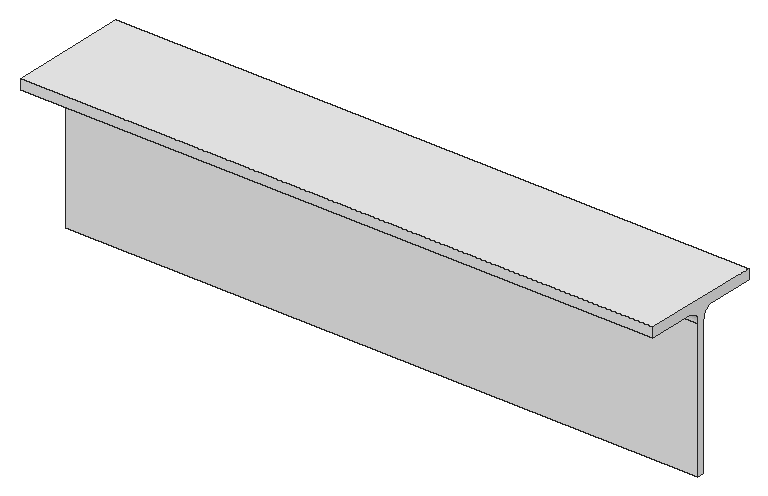
Revit family "M_WT-T estrutural", category Quadro estrutural, Revit 2019
Family settings
  Arredondamento do comprimento do framing estrutural = 0 mm
  Forma do corte = Não definido
  Material para o comportamento do modelo = Aço
  Exportar sempre como geometria = Não
  Número OmniClass = 23.25.30.11.14.14
  Título OmniClass = Beams
  ID de item do Seek = WT-Structural Tee-0000-CAN-ENU
  Sempre na vertical = Sim
  Corte com vazios quando carregada = Não
  Representação simbólica = Das configurações de projeto
  Compartilhado = Não
  Exibir o pré-corte da família na vista da planta = Sim
Parameters (values of type "WT305X62.5")
  W = 0.613
  Structural Material [instance] = Aço, 45-345
  Assembly Code = ""
  Length [instance] = 1524 mm
  bf = 229 mm
  d = 306 mm
  k = 42 mm
  kr = k - tf  # 22.4 mm
  tf = 19.6 mm
  tw = 11.9 mm
  A = 0.008 m²
Types (2, lengths in mm): name | W | bf | d | k | kr | tf | tw | A
  WT305X62.5 | 0.613 | 229 | 306 | 42 | 22.4 | 19.6 | 11.9 | 0.008 m²
  WT460X119 | 1.17 | 305 | 457 | 48 | 22.1 | 25.9 | 16.5 | 0.0152 m²
Reference planes
  plane 1 "Centro (Frente/Trás)": y = 0
  plane 2: z = 0
  plane 3 "Centro (Esquerda/Direita)": x = 4.61
  plane 4 "Membro esquerdo": x = -604.99
  plane 5 "Membro direito": x = 614.21
  plane 6: y = 114.5
  plane 7: y = -114.5
  plane 8 "Superior": z = 153
  plane 9: z = -153
  plane 10 "Esquerda": x = -757.39
  plane 11 "Direita": x = 766.61
Forms (mm)
  Sweep 1, solid, material "Aço, 45-345" <- "Structural Material", detail levels medium
    path origin (0, 0, 0) x (1, 0, 0) y (0, 1, 0)
      loop
        line (614.21, 0) -> (-604.99, 0)
    profile "M_T estrutural-Perfil-Médio : M_T estrutural-Perfil-Médio" origin (4.61, 0, 0) x (0, -1, 0) y (0, 0, 1)
      loop
        line (-114.5, 153) -> (-114.5, 133.4) -> (-5.95, 133.4) -> (-5.95, -153) -> (5.95, -153) -> (5.95, 133.4) -> (114.5, 133.4) -> (114.5, 153) -> (-114.5, 153)
  Sweep 2, solid, material "Aço, 45-345" <- "Structural Material", detail levels fine
    path origin (0, 0, 0) x (1, 0, 0) y (0, 1, 0)
      loop
        line (614.21, 0) -> (-604.99, 0)
    profile "M_T estrutural-Perfil-Alto : M_T estrutural-Perfil-Alto" origin (4.61, 0, 0) x (0, -1, 0) y (0, 0, 1)
      loop
        line (-114.5, 153) -> (-114.5, 133.4) -> (-28.35, 133.4)
        arc (-28.35, 133.4) -> (-12.511, 126.839) -> (-5.95, 111) r 22.4
        line (-5.95, 111) -> (-5.95, -153) -> (5.95, -153) -> (5.95, 111)
        arc (5.95, 111) -> (12.511, 126.839) -> (28.35, 133.4) r 22.4
        line (28.35, 133.4) -> (114.5, 133.4) -> (114.5, 153) -> (-114.5, 153)
Lines and regions (mm)
  symbolic lines, style "Faces ocultas", detail levels medium+fine
    curve 1: line (614.21, -6.5, 0) -> (-604.99, -6.5, 0)
    curve 2: line (614.21, 6.5, 0) -> (-604.99, 6.5, 0)
  symbolic lines, style "Símbolos de vara", detail levels coarse
    curve 3: line (4.61, 114.5, 153) -> (4.61, -114.5, 153)
    curve 4: line (4.61, 0, 153) -> (4.61, 0, -153)
Dimensions and locks
  "bf": plane 6 to plane 7
  "d": plane 9 to plane 8 "Superior"
  equal spacing: plane 9, plane 2, plane 8 "Superior"
  equal spacing: plane 6, plane 1 "Centro (Frente/Trás)", plane 7
  "Length": plane 10 "Esquerda" to plane 11 "Direita"
  aligned and locked: Sweep 1 sketch curve to plane 1 "Centro (Frente/Trás)"
  aligned and locked: Sweep 2 sketch curve to plane 1 "Centro (Frente/Trás)"
  aligned and locked: Sweep 2 to curve 3  (x2)
  aligned and locked: curve 4 to Sweep 1
  aligned and locked: curve 3 to Sweep 2
  aligned and locked: plane 4 "Membro esquerdo" to Sweep 2 sketch curve
  aligned and locked: plane 5 "Membro direito" to Sweep 2 sketch curve
  aligned and locked: plane 4 "Membro esquerdo" to Sweep 1 sketch curve
  aligned and locked: plane 5 "Membro direito" to Sweep 1 sketch curve
  aligned and locked: plane 4 "Membro esquerdo" to curve 2
  aligned and locked: plane 4 "Membro esquerdo" to curve 1
  aligned and locked: plane 5 "Membro direito" to curve 2
  aligned and locked: plane 5 "Membro direito" to curve 1
Automatic sketch dimensions
  plane 1 "Centro (Frente/Trás)" to curve 1 = 6.5 mm
  curve 2 to plane 1 "Centro (Frente/Trás)" = 6.5 mm
  curve 4 to plane 1 "Centro (Frente/Trás)" = 0 mm
Types in the file's own list only (265): name | W | bf | d | k | kr | tf | tw | A
  WT550X249.5 | 2.44 | 405 mm | 559 mm | 67 mm | 22 mm | 45 mm | 26 mm | 0.03 m²
  WT550X216.5 | 2.12 | 402 mm | 554 mm | 61 mm | 21 mm | 40 mm | 22 mm | 0.03 m²
  WT550X195 | 1.91 | 400 mm | 550 mm | 58 mm | 22 mm | 36 mm | 20 mm | 0.02 m²
  WT550X171.5 | 1.68 | 400 mm | 545 mm | 52 mm | 21 mm | 31 mm | 18 mm | 0.02 m²
  WT500X441.5 | 4.33 | 424 mm | 546 mm | 113 mm | 31 mm | 82 mm | 46 mm | 0.06 m²
  WT500X374 | 3.67 | 417 mm | 534 mm | 102 mm | 32 mm | 70 mm | 39 mm | 0.05 m²
  WT500X321 | 3.14 | 412 mm | 524 mm | 92 mm | 32 mm | 60 mm | 34 mm | 0.04 m²
  WT500X295.5 | 2.9 | 409 mm | 520 mm | 88 mm | 32 mm | 56 mm | 31 mm | 0.04 m²
  WT500X277 | 2.71 | 408 mm | 516 mm | 84 mm | 32 mm | 52 mm | 30 mm | 0.04 m²
  WT500X269.5 | 2.64 | 407 mm | 515 mm | 82 mm | 31 mm | 51 mm | 28 mm | 0.03 m²
  WT500X241.5 | 2.36 | 404 mm | 510 mm | 78 mm | 32 mm | 46 mm | 25 mm | 0.03 m²
  WT500X221.5 | 2.17 | 402 mm | 506 mm | 73 mm | 31 mm | 42 mm | 24 mm | 0.03 m²
  WT500X206 | 2.02 | 402 mm | 504 mm | 72 mm | 32 mm | 40 mm | 21 mm | 0.03 m²
  WT500X185.5 | 1.82 | 400 mm | 500 mm | 68 mm | 32 mm | 36 mm | 19 mm | 0.02 m²
  WT500X160.5 | 1.57 | 400 mm | 495 mm | 63 mm | 32 mm | 31 mm | 17 mm | 0.02 m²
  WT500X148 | 1.45 | 400 mm | 491 mm | 59 mm | 32 mm | 27 mm | 17 mm | 0.02 m²
  WT500X292 | 2.86 | 314 mm | 528 mm | 95 mm | 31 mm | 64 mm | 36 mm | 0.04 m²
  WT500X247 | 2.42 | 309 mm | 518 mm | 86 mm | 32 mm | 54 mm | 31 mm | 0.03 m²
  WT500X243 | 2.39 | 308 mm | 518 mm | 86 mm | 32 mm | 54 mm | 30 mm | 0.03 m²
  WT500X207.5 | 2.03 | 304 mm | 510 mm | 78 mm | 32 mm | 46 mm | 26 mm | 0.03 m²
  WT500X196.5 | 1.93 | 303 mm | 508 mm | 76 mm | 32 mm | 44 mm | 24 mm | 0.03 m²
  WT500X175 | 1.71 | 302 mm | 504 mm | 72 mm | 32 mm | 40 mm | 21 mm | 0.02 m²
  WT500X157 | 1.54 | 300 mm | 500 mm | 67 mm | 31 mm | 36 mm | 19 mm | 0.02 m²
  WT500X136 | 1.34 | 300 mm | 495 mm | 63 mm | 32 mm | 31 mm | 17 mm | 0.02 m²
  WT500X124.5 | 1.22 | 300 mm | 490 mm | 58 mm | 32 mm | 26 mm | 17 mm | 0.02 m²
  WT500X111 | 1.09 | 300 mm | 485 mm | 53 mm | 32 mm | 21 mm | 16 mm | 0.01 m²
  WT460X594 | 5.82 | 457 mm | 533 mm | 141 mm | 32 mm | 109 mm | 61 mm | 0.08 m²
  WT460X483.5 | 4.74 | 446 mm | 514 mm | 121 mm | 31 mm | 90 mm | 50 mm | 0.06 m²
  WT460X392 | 3.85 | 437 mm | 498 mm | 105 mm | 31 mm | 74 mm | 41 mm | 0.05 m²
  WT460X326.5 | 3.2 | 431 mm | 486 mm | 93 mm | 31 mm | 62 mm | 35 mm | 0.04 m²
  WT460X292.5 | 2.87 | 427 mm | 480 mm | 88 mm | 32 mm | 56 mm | 31 mm | 0.04 m²
  WT460X267 | 2.62 | 425 mm | 475 mm | 82 mm | 31 mm | 51 mm | 28 mm | 0.03 m²
  WT460X244 | 2.39 | 422 mm | 471 mm | 79 mm | 32 mm | 47 mm | 26 mm | 0.03 m²
  WT460X223 | 2.19 | 423 mm | 467 mm | 74 mm | 31 mm | 43 mm | 24 mm | 0.03 m²
  WT460X208.5 | 2.04 | 422 mm | 464 mm | 71 mm | 31 mm | 40 mm | 23 mm | 0.03 m²
  WT460X193.5 | 1.9 | 420 mm | 461 mm | 68 mm | 31 mm | 37 mm | 21 mm | 0.02 m²
  WT460X182.5 | 1.79 | 419 mm | 458 mm | 66 mm | 32 mm | 34 mm | 20 mm | 0.02 m²
  WT460X171 | 1.68 | 418 mm | 456 mm | 63 mm | 31 mm | 32 mm | 19 mm | 0.02 m²
  WT460X190.5 | 1.87 | 310 mm | 475 mm | 66 mm | 22 mm | 44 mm | 24 mm | 0.02 m²
  WT460X172.5 | 1.69 | 308 mm | 471 mm | 62 mm | 22 mm | 40 mm | 22 mm | 0.02 m²
  WT460X156.5 | 1.53 | 309 mm | 466 mm | 56 mm | 22 mm | 35 mm | 21 mm | 0.02 m²
  WT460X144.5 | 1.42 | 308 mm | 463 mm | 54 mm | 22 mm | 32 mm | 19 mm | 0.02 m²
  WT460X135.5 | 1.33 | 307 mm | 461 mm | 52 mm | 22 mm | 30 mm | 18 mm | 0.02 m²
  WT460X126.5 | 1.24 | 306 mm | 459 mm | 50 mm | 22 mm | 28 mm | 17 mm | 0.02 m²
  WT460X111.5 | 1.09 | 304 mm | 455 mm | 46 mm | 22 mm | 24 mm | 16 mm | 0.01 m²
  WT460X100.5 | 0.985 | 304 mm | 451 mm | 42 mm | 22 mm | 20 mm | 15 mm | 0.01 m²
  WT420X288 | 2.82 | 411 mm | 457 mm | 80 mm | 22 mm | 58 mm | 32 mm | 0.04 m²
  WT420X249 | 2.58 | 409 mm | 451 mm | 74 mm | 21 mm | 53 mm | 30 mm | 0.03 m²
  WT420X236.5 | 2.32 | 406 mm | 447 mm | 70 mm | 22 mm | 48 mm | 26 mm | 0.03 m²
  WT420X216.5 | 2.12 | 404 mm | 442 mm | 65 mm | 21 mm | 44 mm | 24 mm | 0.03 m²
  WT420X196 | 1.92 | 401 mm | 439 mm | 62 mm | 22 mm | 40 mm | 22 mm | 0.03 m²
  WT420X179.5 | 1.76 | 403 mm | 434 mm | 57 mm | 21 mm | 36 mm | 21 mm | 0.02 m²
  WT420X164.5 | 1.61 | 401 mm | 431 mm | 54 mm | 22 mm | 32 mm | 20 mm | 0.02 m²
  WT420X149.5 | 1.47 | 400 mm | 428 mm | 51 mm | 22 mm | 29 mm | 18 mm | 0.02 m²
  WT420X125.5 | 1.23 | 292 mm | 430 mm | 53 mm | 22 mm | 31 mm | 17 mm | 0.02 m²
  WT420X113 | 1.11 | 294 mm | 425 mm | 49 mm | 22 mm | 27 mm | 16 mm | 0.01 m²
  WT420X105 | 1.03 | 293 mm | 423 mm | 46 mm | 22 mm | 24 mm | 15 mm | 0.01 m²
  WT420X96.5 | 0.949 | 292 mm | 420 mm | 44 mm | 22 mm | 22 mm | 15 mm | 0.01 m²
  WT420X88 | 0.861 | 292 mm | 417 mm | 41 mm | 22 mm | 19 mm | 14 mm | 0.01 m²
  WT380X291 | 2.85 | 396 mm | 422 mm | 84 mm | 22 mm | 62 mm | 35 mm | 0.04 m²
  WT380X265.5 | 2.6 | 393 mm | 417 mm | 79 mm | 22 mm | 57 mm | 32 mm | 0.03 m²
  WT380X242 | 2.38 | 390 mm | 411 mm | 73 mm | 21 mm | 52 mm | 29 mm | 0.03 m²
  WT380X217 | 2.13 | 387 mm | 407 mm | 69 mm | 22 mm | 47 mm | 26 mm | 0.03 m²
  WT380X194.5 | 1.9 | 385 mm | 401 mm | 63 mm | 21 mm | 42 mm | 24 mm | 0.02 m²
  WT380X175 | 1.71 | 382 mm | 398 mm | 60 mm | 22 mm | 38 mm | 21 mm | 0.02 m²
  WT380X157 | 1.54 | 384 mm | 393 mm | 55 mm | 22 mm | 33 mm | 20 mm | 0.02 m²
  WT380X142 | 1.39 | 382 mm | 390 mm | 52 mm | 22 mm | 30 mm | 18 mm | 0.02 m²
  WT380X128.5 | 1.26 | 381 mm | 387 mm | 49 mm | 22 mm | 27 mm | 17 mm | 0.02 m²
  WT380X110 | 1.08 | 266 mm | 390 mm | 52 mm | 22 mm | 30 mm | 17 mm | 0.01 m²
  WT380X98 | 0.963 | 268 mm | 385 mm | 47 mm | 22 mm | 25 mm | 16 mm | 0.01 m²
  WT380X92.5 | 0.905 | 267 mm | 383 mm | 46 mm | 22 mm | 24 mm | 15 mm | 0.01 m²
  WT380X86.5 | 0.846 | 267 mm | 381 mm | 44 mm | 22 mm | 22 mm | 14 mm | 0.01 m²
  WT380X80.5 | 0.788 | 266 mm | 379 mm | 41 mm | 22 mm | 19 mm | 14 mm | 0.01 m²
  WT380X73.5 | 0.722 | 265 mm | 377 mm | 39 mm | 22 mm | 17 mm | 13 mm | 0.01 m²
  WT380X67 | 0.657 | 264 mm | 375 mm | 38 mm | 23 mm | 16 mm | 12 mm | 0.01 m²
  WT345X401 | 3.93 | 387 mm | 413 mm | 112 mm | 22 mm | 90 mm | 50 mm | 0.05 m²
  WT345X274 | 2.69 | 372 mm | 386 mm | 85 mm | 22 mm | 63 mm | 35 mm | 0.04 m²
  WT345X250 | 2.45 | 370 mm | 381 mm | 80 mm | 22 mm | 58 mm | 32 mm | 0.03 m²
  WT345X228.5 | 2.24 | 367 mm | 376 mm | 75 mm | 22 mm | 53 mm | 30 mm | 0.03 m²
  WT345X209.5 | 2.05 | 364 mm | 372 mm | 71 mm | 22 mm | 49 mm | 27 mm | 0.03 m²
  WT345X192 | 1.88 | 362 mm | 368 mm | 67 mm | 22 mm | 45 mm | 25 mm | 0.02 m²
  WT345X175 | 1.71 | 360 mm | 364 mm | 63 mm | 22 mm | 41 mm | 23 mm | 0.02 m²
  WT345X161.5 | 1.58 | 359 mm | 361 mm | 60 mm | 22 mm | 38 mm | 21 mm | 0.02 m²
  WT345X144.5 | 1.42 | 356 mm | 357 mm | 56 mm | 22 mm | 34 mm | 19 mm | 0.02 m²
  WT345X132.5 | 1.3 | 358 mm | 353 mm | 52 mm | 22 mm | 30 mm | 18 mm | 0.02 m²
  WT345X120 | 1.17 | 356 mm | 350 mm | 49 mm | 22 mm | 27 mm | 17 mm | 0.02 m²
  WT345X108.5 | 1.07 | 355 mm | 348 mm | 47 mm | 22 mm | 25 mm | 15 mm | 0.01 m²
  WT345X96 | 0.941 | 254 mm | 351 mm | 50 mm | 22 mm | 28 mm | 16 mm | 0.01 m²
  WT345X85 | 0.832 | 256 mm | 347 mm | 46 mm | 22 mm | 24 mm | 15 mm | 0.01 m²
  WT345X76 | 0.744 | 254 mm | 344 mm | 43 mm | 22 mm | 21 mm | 13 mm | 0.01 m²
  WT345X70 | 0.686 | 254 mm | 342 mm | 41 mm | 22 mm | 19 mm | 12 mm | 0.01 m²
  WT345X62.5 | 0.613 | 253 mm | 339 mm | 38 mm | 22 mm | 16 mm | 12 mm | 0.01 m²
  WT305X275.5 | 2.7 | 347 mm | 355 mm | 91 mm | 22 mm | 69 mm | 39 mm | 0.04 m²
  WT305X249 | 2.44 | 343 mm | 350 mm | 85 mm | 22 mm | 63 mm | 35 mm | 0.03 m²
  WT305X227.5 | 2.23 | 340 mm | 345 mm | 80 mm | 22 mm | 58 mm | 32 mm | 0.03 m²
  WT305X207.5 | 2.04 | 338 mm | 339 mm | 75 mm | 22 mm | 53 mm | 30 mm | 0.03 m²
  WT305X186 | 1.82 | 335 mm | 335 mm | 70 mm | 22 mm | 48 mm | 26 mm | 0.02 m²
  WT305X170.5 | 1.67 | 333 mm | 330 mm | 66 mm | 22 mm | 44 mm | 24 mm | 0.02 m²
  WT305X153.5 | 1.51 | 330 mm | 327 mm | 62 mm | 22 mm | 40 mm | 22 mm | 0.02 m²
  WT305X142.5 | 1.4 | 329 mm | 323 mm | 59 mm | 22 mm | 37 mm | 21 mm | 0.02 m²
  WT305X131 | 1.28 | 327 mm | 321 mm | 56 mm | 22 mm | 34 mm | 19 mm | 0.02 m²
  WT305X120.5 | 1.18 | 329 mm | 318 mm | 53 mm | 22 mm | 31 mm | 18 mm | 0.02 m²
  WT305X108.5 | 1.07 | 328 mm | 314 mm | 50 mm | 22 mm | 28 mm | 17 mm | 0.01 m²
  WT305X97.5 | 0.956 | 327 mm | 311 mm | 46 mm | 22 mm | 24 mm | 15 mm | 0.01 m²
  WT305X87 | 0.854 | 325 mm | 308 mm | 44 mm | 22 mm | 22 mm | 14 mm | 0.01 m²
  WT305X77.5 | 0.759 | 324 mm | 306 mm | 41 mm | 22 mm | 19 mm | 13 mm | 0.01 m²
  WT305X76.5 | 0.752 | 229 mm | 312 mm | 47 mm | 22 mm | 25 mm | 14 mm | 0.01 m²
  WT305X70 | 0.686 | 230 mm | 309 mm | 44 mm | 22 mm | 22 mm | 13 mm | 0.01 m²
  WT305X56.5 | 0.555 | 228 mm | 304 mm | 39 mm | 22 mm | 17 mm | 11 mm | 0.01 m²
  WT305X50.5 | 0.496 | 228 mm | 301 mm | 37 mm | 22 mm | 15 mm | 11 mm | 0.01 m²
  WT305X46 | 0.452 | 179 mm | 301 mm | 36 mm | 21 mm | 15 mm | 11 mm | 0.01 m²
  WT305X41 | 0.401 | 178 mm | 299 mm | 34 mm | 21 mm | 13 mm | 10 mm | 0.01 m²
  WT265X150 | 1.47 | 319 mm | 292 mm | 63 mm | 22 mm | 41 mm | 23 mm | 0.02 m²
  WT265X136 | 1.33 | 318 mm | 289 mm | 60 mm | 22 mm | 38 mm | 21 mm | 0.02 m²
  WT265X124 | 1.21 | 315 mm | 285 mm | 56 mm | 22 mm | 35 mm | 19 mm | 0.02 m²
  WT265X109.5 | 1.07 | 318 mm | 280 mm | 51 mm | 22 mm | 29 mm | 18 mm | 0.01 m²
  WT265X98 | 0.963 | 316 mm | 277 mm | 48 mm | 22 mm | 26 mm | 17 mm | 0.01 m²
  WT265X91 | 0.89 | 315 mm | 275 mm | 46 mm | 22 mm | 24 mm | 15 mm | 0.01 m²
  WT265X82.5 | 0.81 | 313 mm | 273 mm | 44 mm | 22 mm | 22 mm | 14 mm | 0.01 m²
  WT265X75 | 0.737 | 312 mm | 271 mm | 42 mm | 22 mm | 20 mm | 13 mm | 0.01 m²
  WT265X69 | 0.679 | 214 mm | 275 mm | 41 mm | 17 mm | 24 mm | 15 mm | 0.01 m²
  WT265X61.5 | 0.606 | 212 mm | 272 mm | 38 mm | 17 mm | 21 mm | 13 mm | 0.01 m²
  WT265X54.5 | 0.533 | 211 mm | 270 mm | 36 mm | 17 mm | 19 mm | 12 mm | 0.01 m²
  WT265X50.5 | 0.496 | 210 mm | 268 mm | 34 mm | 17 mm | 17 mm | 11 mm | 0.01 m²
  WT265X46 | 0.452 | 209 mm | 267 mm | 33 mm | 17 mm | 16 mm | 10 mm | 0.01 m²
  WT265X41 | 0.401 | 209 mm | 264 mm | 30 mm | 17 mm | 13 mm | 10 mm | 0.01 m²
  WT265X36 | 0.35 | 207 mm | 262 mm | 28 mm | 17 mm | 11 mm | 9 mm | 0.00 m²
  WT265X42.5 | 0.416 | 166 mm | 267 mm | 33 mm | 17 mm | 17 mm | 10 mm | 0.01 m²
  WT265X37 | 0.365 | 166 mm | 265 mm | 31 mm | 17 mm | 14 mm | 10 mm | 0.00 m²
  WT265X33 | 0.321 | 165 mm | 262 mm | 28 mm | 17 mm | 11 mm | 9 mm | 0.00 m²
  WT230X130 | 1.28 | 289 mm | 255 mm | 63 mm | 23 mm | 40 mm | 23 mm | 0.02 m²
  WT230X117.5 | 1.15 | 287 mm | 250 mm | 58 mm | 21 mm | 37 mm | 21 mm | 0.01 m²
  WT230X106.5 | 1.04 | 285 mm | 248 mm | 56 mm | 23 mm | 34 mm | 19 mm | 0.01 m²
  WT230X96.5 | 0.949 | 283 mm | 244 mm | 52 mm | 22 mm | 31 mm | 17 mm | 0.01 m²
  WT230X88.5 | 0.868 | 286 mm | 241 mm | 49 mm | 22 mm | 27 mm | 17 mm | 0.01 m²
  WT230X79 | 0.773 | 284 mm | 238 mm | 46 mm | 22 mm | 24 mm | 15 mm | 0.01 m²
  WT230X72 | 0.708 | 283 mm | 236 mm | 44 mm | 22 mm | 22 mm | 14 mm | 0.01 m²
  WT230X64 | 0.628 | 282 mm | 234 mm | 42 mm | 22 mm | 20 mm | 12 mm | 0.01 m²
  WT230X56.5 | 0.555 | 280 mm | 231 mm | 39 mm | 22 mm | 17 mm | 11 mm | 0.01 m²
  WT230X53 | 0.518 | 194 mm | 235 mm | 38 mm | 17 mm | 21 mm | 13 mm | 0.01 m²
  WT230X48.5 | 0.474 | 193 mm | 233 mm | 36 mm | 17 mm | 19 mm | 11 mm | 0.01 m²
  WT230X44.5 | 0.438 | 192 mm | 232 mm | 35 mm | 17 mm | 18 mm | 11 mm | 0.01 m²
  WT230X41 | 0.401 | 191 mm | 230 mm | 33 mm | 17 mm | 16 mm | 10 mm | 0.01 m²
  WT230X37 | 0.365 | 190 mm | 228 mm | 31 mm | 17 mm | 15 mm | 9 mm | 0.00 m²
  WT230X34 | 0.336 | 154 mm | 229 mm | 32 mm | 17 mm | 15 mm | 9 mm | 0.00 m²
  WT230X30 | 0.292 | 153 mm | 227 mm | 30 mm | 17 mm | 13 mm | 8 mm | 0.00 m²
  WT230X26 | 0.255 | 152 mm | 225 mm | 28 mm | 17 mm | 11 mm | 8 mm | 0.00 m²
  WT205X74.5 | 0.73 | 265 mm | 216 mm | 47 mm | 22 mm | 25 mm | 15 mm | 0.01 m²
  WT205X66 | 0.649 | 263 mm | 213 mm | 44 mm | 22 mm | 22 mm | 13 mm | 0.01 m²
  WT205X57 | 0.562 | 261 mm | 210 mm | 41 mm | 22 mm | 19 mm | 12 mm | 0.01 m²
  WT205X50 | 0.489 | 260 mm | 207 mm | 39 mm | 22 mm | 17 mm | 10 mm | 0.01 m²
  WT205X42.5 | 0.416 | 181 mm | 209 mm | 35 mm | 17 mm | 18 mm | 11 mm | 0.01 m²
  WT205X37.5 | 0.365 | 180 mm | 207 mm | 33 mm | 17 mm | 16 mm | 10 mm | 0.00 m²
  WT205X33.5 | 0.328 | 179 mm | 205 mm | 31 mm | 17 mm | 14 mm | 9 mm | 0.00 m²
  WT205X30 | 0.292 | 178 mm | 203 mm | 30 mm | 17 mm | 13 mm | 8 mm | 0.00 m²
  WT205X26.5 | 0.263 | 177 mm | 201 mm | 28 mm | 17 mm | 11 mm | 8 mm | 0.00 m²
  WT205X23.05 | 0.226 | 140 mm | 202 mm | 28 mm | 17 mm | 11 mm | 7 mm | 0.00 m²
  WT205X19.4 | 0.19 | 140 mm | 199 mm | 26 mm | 17 mm | 9 mm | 6 mm | 0.00 m²
  WT180X601 | 5.9 | 471 mm | 290 mm | 162 mm | 32 mm | 130 mm | 95 mm | 0.08 m²
  WT180X543 | 5.33 | 454 mm | 285 mm | 156 mm | 31 mm | 125 mm | 78 mm | 0.07 m²
  WT180X495 | 4.85 | 448 mm | 275 mm | 146 mm | 31 mm | 115 mm | 72 mm | 0.06 m²
  WT180X450 | 4.41 | 442 mm | 266 mm | 137 mm | 31 mm | 106 mm | 66 mm | 0.06 m²
  WT180X409 | 4.01 | 437 mm | 257 mm | 129 mm | 32 mm | 97 mm | 61 mm | 0.05 m²
  WT180X372 | 3.65 | 432 mm | 249 mm | 120 mm | 31 mm | 89 mm | 56 mm | 0.05 m²
  WT180X338.5 | 3.32 | 428 mm | 242 mm | 113 mm | 32 mm | 82 mm | 51 mm | 0.04 m²
  WT180X317 | 3.11 | 424 mm | 237 mm | 109 mm | 32 mm | 77 mm | 48 mm | 0.04 m²
  WT180X296 | 2.9 | 421 mm | 232 mm | 104 mm | 32 mm | 72 mm | 45 mm | 0.04 m²
  WT180X275.5 | 2.7 | 418 mm | 228 mm | 99 mm | 31 mm | 68 mm | 42 mm | 0.04 m²
  WT180X254.5 | 2.5 | 416 mm | 223 mm | 94 mm | 31 mm | 63 mm | 39 mm | 0.03 m²
  WT180X231.5 | 2.27 | 412 mm | 217 mm | 89 mm | 32 mm | 57 mm | 36 mm | 0.03 m²
  WT180X210.5 | 2.06 | 409 mm | 213 mm | 84 mm | 31 mm | 53 mm | 33 mm | 0.03 m²
  WT180X191 | 1.88 | 406 mm | 208 mm | 80 mm | 32 mm | 48 mm | 30 mm | 0.02 m²
  WT180X173.5 | 1.7 | 404 mm | 204 mm | 75 mm | 31 mm | 44 mm | 27 mm | 0.02 m²
  WT180X157 | 1.54 | 401 mm | 200 mm | 71 mm | 31 mm | 40 mm | 25 mm | 0.02 m²
  WT180X143.5 | 1.41 | 399 mm | 197 mm | 68 mm | 31 mm | 37 mm | 23 mm | 0.02 m²
  WT180X131 | 1.28 | 398 mm | 193 mm | 65 mm | 32 mm | 33 mm | 21 mm | 0.02 m²
  WT180X118.5 | 1.16 | 395 mm | 190 mm | 62 mm | 32 mm | 30 mm | 19 mm | 0.02 m²
  WT180X108 | 1.06 | 394 mm | 188 mm | 59 mm | 31 mm | 28 mm | 17 mm | 0.01 m²
  WT180X98 | 0.963 | 374 mm | 186 mm | 58 mm | 32 mm | 26 mm | 16 mm | 0.01 m²
  WT180X89.5 | 0.876 | 373 mm | 184 mm | 55 mm | 31 mm | 24 mm | 15 mm | 0.01 m²
  WT180X81 | 0.795 | 371 mm | 182 mm | 53 mm | 31 mm | 22 mm | 13 mm | 0.01 m²
  WT180X73.5 | 0.722 | 370 mm | 180 mm | 51 mm | 31 mm | 20 mm | 12 mm | 0.01 m²
  WT180X67 | 0.657 | 369 mm | 178 mm | 50 mm | 32 mm | 18 mm | 11 mm | 0.01 m²
  WT180X61 | 0.598 | 257 mm | 182 mm | 44 mm | 22 mm | 22 mm | 13 mm | 0.01 m²
  WT180X55 | 0.54 | 256 mm | 180 mm | 42 mm | 22 mm | 20 mm | 11 mm | 0.01 m²
  WT180X50.5 | 0.496 | 255 mm | 178 mm | 40 mm | 22 mm | 18 mm | 11 mm | 0.01 m²
  WT180X45.5 | 0.445 | 254 mm | 176 mm | 38 mm | 22 mm | 16 mm | 10 mm | 0.01 m²
  WT180X39.5 | 0.387 | 205 mm | 177 mm | 39 mm | 22 mm | 17 mm | 9 mm | 0.01 m²
  WT180X36 | 0.35 | 204 mm | 175 mm | 37 mm | 22 mm | 15 mm | 9 mm | 0.00 m²
  WT180X32 | 0.314 | 203 mm | 173 mm | 35 mm | 22 mm | 14 mm | 8 mm | 0.00 m²
  WT180X28.9 | 0.277 | 172 mm | 179 mm | 30 mm | 17 mm | 13 mm | 8 mm | 0.00 m²
  WT180X25.5 | 0.248 | 171 mm | 178 mm | 29 mm | 17 mm | 12 mm | 7 mm | 0.00 m²
  WT180X22 | 0.219 | 171 mm | 176 mm | 27 mm | 17 mm | 10 mm | 7 mm | 0.00 m²
  WT180X19.5 | 0.19 | 128 mm | 177 mm | 28 mm | 17 mm | 11 mm | 7 mm | 0.00 m²
  WT180X16.45 | 0.161 | 127 mm | 174 mm | 25 mm | 17 mm | 9 mm | 6 mm | 0.00 m²
  WT155X250 | 2.45 | 340 mm | 214 mm | 97 mm | 22 mm | 75 mm | 45 mm | 0.03 m²
  WT155X227 | 2.23 | 336 mm | 207 mm | 91 mm | 22 mm | 69 mm | 41 mm | 0.03 m²
  WT155X207.5 | 2.04 | 334 mm | 201 mm | 85 mm | 22 mm | 63 mm | 39 mm | 0.03 m²
  WT155X187.5 | 1.84 | 330 mm | 196 mm | 79 mm | 22 mm | 57 mm | 35 mm | 0.02 m²
  WT155X171 | 1.68 | 328 mm | 191 mm | 75 mm | 22 mm | 53 mm | 33 mm | 0.02 m²
  WT155X156.5 | 1.53 | 325 mm | 187 mm | 70 mm | 22 mm | 48 mm | 30 mm | 0.02 m²
  WT155X141.5 | 1.39 | 322 mm | 183 mm | 66 mm | 22 mm | 44 mm | 27 mm | 0.02 m²
  WT155X126.5 | 1.24 | 319 mm | 178 mm | 62 mm | 22 mm | 40 mm | 24 mm | 0.02 m²
  WT155X113 | 1.11 | 317 mm | 174 mm | 58 mm | 22 mm | 36 mm | 22 mm | 0.01 m²
  WT155X101 | 0.992 | 315 mm | 170 mm | 54 mm | 22 mm | 32 mm | 20 mm | 0.01 m²
  WT155X89.5 | 0.876 | 313 mm | 167 mm | 50 mm | 22 mm | 28 mm | 18 mm | 0.01 m²
  WT155X79 | 0.773 | 310 mm | 164 mm | 47 mm | 22 mm | 25 mm | 16 mm | 0.01 m²
  WT155X71.5 | 0.7 | 309 mm | 161 mm | 45 mm | 22 mm | 23 mm | 14 mm | 0.01 m²
  WT155X64.5 | 0.635 | 308 mm | 159 mm | 43 mm | 22 mm | 21 mm | 13 mm | 0.01 m²
  WT155X58.5 | 0.576 | 307 mm | 157 mm | 41 mm | 22 mm | 19 mm | 12 mm | 0.01 m²
  WT155X53.5 | 0.525 | 306 mm | 156 mm | 39 mm | 22 mm | 17 mm | 11 mm | 0.01 m²
  WT155X48.5 | 0.474 | 305 mm | 154 mm | 37 mm | 22 mm | 15 mm | 10 mm | 0.01 m²
  WT155X43 | 0.423 | 254 mm | 155 mm | 36 mm | 20 mm | 16 mm | 9 mm | 0.01 m²
  WT155X39.5 | 0.387 | 254 mm | 153 mm | 34 mm | 19 mm | 15 mm | 9 mm | 0.01 m²
  WT155X37 | 0.365 | 205 mm | 155 mm | 36 mm | 20 mm | 16 mm | 9 mm | 0.00 m²
  WT155X33.5 | 0.328 | 204 mm | 153 mm | 34 mm | 19 mm | 15 mm | 9 mm | 0.00 m²
  WT155X30 | 0.292 | 203 mm | 152 mm | 33 mm | 20 mm | 13 mm | 8 mm | 0.00 m²
  WT155X26 | 0.255 | 167 mm | 159 mm | 30 mm | 17 mm | 13 mm | 8 mm | 0.00 m²
  WT155X22.25 | 0.219 | 166 mm | 157 mm | 28 mm | 17 mm | 11 mm | 7 mm | 0.00 m²
  WT155X19.35 | 0.19 | 165 mm | 155 mm | 27 mm | 17 mm | 10 mm | 6 mm | 0.00 m²
  WT155X16.35 | 0.161 | 102 mm | 156 mm | 23 mm | 12 mm | 11 mm | 7 mm | 0.00 m²
  WT155X14.15 | 0.139 | 102 mm | 154 mm | 21 mm | 12 mm | 9 mm | 6 mm | 0.00 m²
  WT155X11.9 | 0.117 | 101 mm | 152 mm | 19 mm | 12 mm | 7 mm | 6 mm | 0.00 m²
  WT155X10.5 | 0.102 | 101 mm | 151 mm | 18 mm | 12 mm | 6 mm | 5 mm | 0.00 m²
  WT125X83.5 | 0.817 | 265 mm | 144 mm | 49 mm | 17 mm | 32 mm | 19 mm | 0.01 m²
  WT125X74.5 | 0.73 | 263 mm | 141 mm | 45 mm | 17 mm | 28 mm | 17 mm | 0.01 m²
  WT125X65.5 | 0.642 | 261 mm | 138 mm | 42 mm | 17 mm | 25 mm | 15 mm | 0.01 m²
  WT125X57.5 | 0.562 | 259 mm | 135 mm | 39 mm | 17 mm | 22 mm | 14 mm | 0.01 m²
  WT125X50.5 | 0.496 | 257 mm | 132 mm | 37 mm | 17 mm | 20 mm | 12 mm | 0.01 m²
  WT125X44.5 | 0.438 | 256 mm | 130 mm | 34 mm | 17 mm | 17 mm | 11 mm | 0.01 m²
  WT125X40 | 0.394 | 255 mm | 128 mm | 33 mm | 17 mm | 16 mm | 9 mm | 0.01 m²
  WT125X36.5 | 0.358 | 254 mm | 127 mm | 31 mm | 17 mm | 14 mm | 9 mm | 0.00 m²
  WT125X33.5 | 0.328 | 204 mm | 128 mm | 33 mm | 17 mm | 16 mm | 9 mm | 0.00 m²
  WT125X29 | 0.285 | 203 mm | 126 mm | 30 mm | 17 mm | 14 mm | 8 mm | 0.00 m²
  WT125X24.55 | 0.241 | 202 mm | 124 mm | 28 mm | 17 mm | 11 mm | 7 mm | 0.00 m²
  WT125X22.4 | 0.219 | 148 mm | 133 mm | 27 mm | 14 mm | 13 mm | 8 mm | 0.00 m²
  WT125X19.25 | 0.19 | 147 mm | 131 mm | 26 mm | 15 mm | 11 mm | 7 mm | 0.00 m²
  WT125X16.35 | 0.161 | 146 mm | 129 mm | 24 mm | 15 mm | 9 mm | 6 mm | 0.00 m²
  WT125X14.2 | 0.139 | 102 mm | 130 mm | 23 mm | 13 mm | 10 mm | 6 mm | 0.00 m²
  WT125X12.65 | 0.124 | 102 mm | 128 mm | 21 mm | 13 mm | 8 mm | 6 mm | 0.00 m²
  WT125X11.15 | 0.109 | 102 mm | 127 mm | 19 mm | 12 mm | 7 mm | 6 mm | 0.00 m²
  WT125X8.95 | 0.0876 | 101 mm | 125 mm | 18 mm | 13 mm | 5 mm | 5 mm | 0.00 m²
  WT100X50 | 0.489 | 210 mm | 114 mm | 41 mm | 17 mm | 24 mm | 15 mm | 0.01 m²
  WT100X43 | 0.423 | 209 mm | 111 mm | 38 mm | 17 mm | 21 mm | 13 mm | 0.01 m²
  WT100X35.5 | 0.35 | 206 mm | 108 mm | 34 mm | 17 mm | 17 mm | 10 mm | 0.00 m²
  WT100X29.5 | 0.292 | 205 mm | 105 mm | 31 mm | 17 mm | 14 mm | 9 mm | 0.00 m²
  WT100X26 | 0.255 | 204 mm | 103 mm | 30 mm | 17 mm | 13 mm | 8 mm | 0.00 m²
  WT100X23.05 | 0.226 | 203 mm | 102 mm | 28 mm | 17 mm | 11 mm | 7 mm | 0.00 m²
  WT100X20.85 | 0.204 | 166 mm | 102 mm | 24 mm | 12 mm | 12 mm | 7 mm | 0.00 m²
  WT100X17.95 | 0.175 | 165 mm | 101 mm | 23 mm | 13 mm | 10 mm | 6 mm | 0.00 m²
  WT100X15.65 | 0.153 | 134 mm | 105 mm | 22 mm | 12 mm | 10 mm | 6 mm | 0.00 m²
  WT100X13.3 | 0.131 | 133 mm | 103 mm | 20 mm | 12 mm | 8 mm | 6 mm | 0.00 m²
  WT100X11.25 | 0.109 | 102 mm | 103 mm | 19 mm | 11 mm | 8 mm | 6 mm | 0.00 m²
  WT100X9.65 | 0.0949 | 102 mm | 101 mm | 18 mm | 12 mm | 7 mm | 6 mm | 0.00 m²
  WT100X7.5 | 0.073 | 100 mm | 100 mm | 17 mm | 12 mm | 5 mm | 4 mm | 0.00 m²
  WT75X18.55 | 0.182 | 154 mm | 81 mm | 23 mm | 11 mm | 12 mm | 8 mm | 0.00 m²
  WT75X14.9 | 0.146 | 153 mm | 79 mm | 21 mm | 12 mm | 9 mm | 7 mm | 0.00 m²
  WT75X11.25 | 0.109 | 152 mm | 76 mm | 18 mm | 11 mm | 7 mm | 6 mm | 0.00 m²
  WT75X12 | 0.117 | 102 mm | 80 mm | 22 mm | 12 mm | 10 mm | 7 mm | 0.00 m²
  WT75X9 | 0.0876 | 102 mm | 77 mm | 19 mm | 12 mm | 7 mm | 6 mm | 0.00 m²
  WT75X6.75 | 0.0657 | 100 mm | 75 mm | 17 mm | 12 mm | 6 mm | 4 mm | 0.00 m²
  WT75X6.5 | 0.062 | 100 mm | 74 mm | 17 mm | 12 mm | 5 mm | 4 mm | 0.00 m²
  WT65X14.05 | 0.139 | 128 mm | 65 mm | 20 mm | 9 mm | 11 mm | 7 mm | 0.00 m²
  WT65X11.9 | 0.117 | 127 mm | 64 mm | 18 mm | 9 mm | 9 mm | 6 mm | 0.00 m²
  WT50X9.65 | 0.0949 | 103 mm | 53 mm | 18 mm | 9 mm | 9 mm | 7 mm | 0.00 m²
